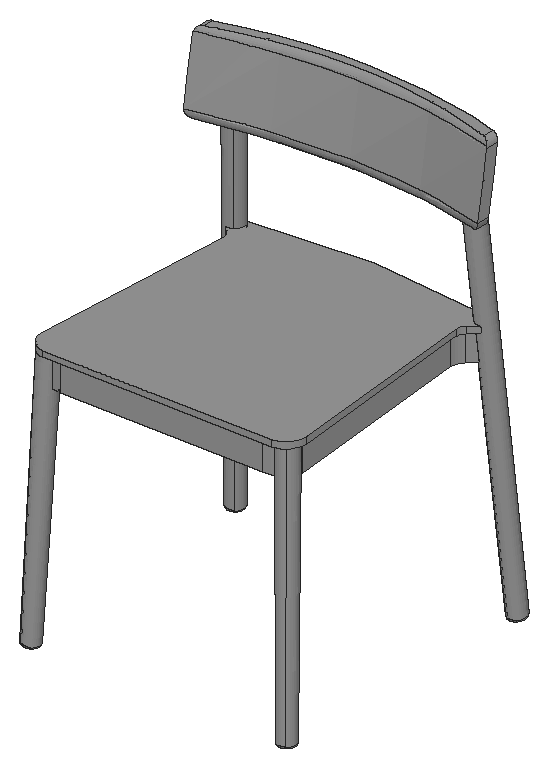
Revit family "Andreu World_Smart_SI0610", category Mobiliario, Revit 2013
Parameters (values of type "SI-0610")
  Wood 02 = Andreu World Beech H
  Wood = Andreu World Beech V
  Width = 500 mm
  URL = "http://www.andreuworld.com/"
  Seat Height = 455 mm
  Referencia = "SI-0610"
  Modelo = "Smart"
  Height = 760 mm
  Fabricante = "Andreu World"
  Descripción = "Stackable chair"
  Depth = 485 mm
Reference planes
  plane 1 "Centro (Frontal/Posterior)": y = 0
  plane 2: z = 0
  plane 3 "Centro (Izquierda/Derecha)": x = 0
  plane 4: x = -250
  plane 5: y = 242.5
  plane 6: x = 250
  plane 7: y = -242.5
  plane 8: z = 455
  plane 9: z = 760
  plane 10 "front leg": through (-217.408, -231.369, 1200) normal (-0.809, 0.5878, 0)
  plane 11 "Back leg": through (-239.847, 231.369, 1200) normal (0.7986, 0.6018, 0)
Forms (mm)
  Revolve 1, solid, material "Andreu World Beech V" <- "Wood", detail levels medium+fine
    sketch origin (-32.272, 23.447, 0) x (-0.587785, -0.809017, 0) y (0, 0, 1)
      loop
        line (307.809, 444.618) -> (290.419, 444.618) -> (314.543, 0) -> (326.391, 0)
        arc (326.391, 0) -> (328.201, 0.775) -> (328.888, 2.619) r 2.5
        line (328.888, 2.619) -> (307.809, 444.618)
      axis (290.419, 444.618) -> (314.578, -0.641)
    angle from 0 to 360
  Revolve 2, solid, material "Andreu World Beech V" <- "Wood", detail levels medium+fine
    sketch origin (-41.776, -31.48, 0) x (-0.601815, 0.798636, 0) y (0, 0, 1)
      loop
        arc (279.322, 699.364) -> (273.342, 713.584) -> (260.265, 721.768) r 25.543
        line (260.265, 721.768) -> (328.377, 0) -> (340.641, 0)
        arc (340.641, 0) -> (342.488, 0.815) -> (343.131, 2.728) r 2.5
        line (343.131, 2.728) -> (279.322, 699.364)
      axis (260.265, 721.768) -> (328.485, -1.147)
    angle from 0 to 360
  Extrusion 3, solid, material "Andreu World Beech V" <- "Wood", detail levels medium+fine
    sketch origin (0.025, -8.63, 0) x (1, 0, 0) y (0, 1, 0)
      loop
        arc (-109.249, 192.661) -> (-144.128, 178.822) -> (-160.032, 144.835) r 50.875
        line (-160.032, 144.835) -> (-175.393, -111.105)
        arc (-175.393, -111.105) -> (-158.409, -157.962) -> (-112.654, -177.723) r 62.852
        line (-112.654, -177.723) -> (112.682, -177.723)
        arc (112.682, -177.723) -> (158.437, -157.962) -> (175.422, -111.105) r 62.852
        line (175.422, -111.105) -> (160.06, 144.835)
        arc (160.06, 144.835) -> (144.156, 178.822) -> (109.277, 192.661) r 50.875
        line (109.277, 192.661) -> (-109.249, 192.661)
      loop
        arc (-214.044, -185.074) -> (-210.83, -199.556) -> (-200.115, -209.816) r 25.569
        arc (-200.115, -209.816) -> (-186.042, -214.546) -> (-171.387, -216.928) r 91.093
        arc (-171.387, -216.928) -> (0, -223.745) -> (171.387, -216.928) r 2157.795
        arc (171.387, -216.928) -> (186.042, -214.546) -> (200.115, -209.816) r 91.093
        arc (200.115, -209.816) -> (210.83, -199.556) -> (214.044, -185.074) r 25.569
        line (214.044, -185.074) -> (187.752, 160.713)
        arc (187.752, 160.713) -> (189.413, 172.548) -> (195.862, 182.609) r 27.967
        line (195.862, 182.609) -> (209.542, 196.289) -> (208.156, 206.152)
        arc (208.156, 206.152) -> (0, 224.467) -> (-208.156, 206.152) r 1192.008
        line (-208.156, 206.152) -> (-209.542, 196.289) -> (-195.862, 182.609)
        arc (-195.862, 182.609) -> (-189.413, 172.548) -> (-187.752, 160.713) r 27.967
        line (-187.752, 160.713) -> (-214.044, -185.074)
    from 394.618 to 444.618
  Extrusion 4, solid, material "Andreu World Beech H" <- "Wood 02", detail levels medium+fine
    sketch origin (0.025, -8.63, 444.618) x (1, 0, 0) y (0, 1, 0)
      loop
        line (-197.723, 161.471) -> (-224.426, -189.721)
        arc (-224.426, -189.721) -> (-216.728, -213.483) -> (-194.562, -224.996) r 32.913
        arc (-194.562, -224.996) -> (-0.025, -233.744) -> (194.513, -224.996) r 2167.521
        arc (194.513, -224.996) -> (216.679, -213.483) -> (224.377, -189.721) r 32.913
        line (224.377, -189.721) -> (197.674, 161.471)
        arc (197.674, 161.471) -> (198.741, 169.074) -> (202.884, 175.538) r 17.967
        line (202.884, 175.538) -> (220.089, 192.743) -> (217.001, 214.717)
        arc (217.001, 214.717) -> (-0.026, 234.467) -> (-217.052, 214.708) r 1202.008
        line (-217.052, 214.708) -> (-220.139, 192.743) -> (-202.933, 175.538)
        arc (-202.933, 175.538) -> (-198.79, 169.074) -> (-197.723, 161.471) r 17.967
    from 0 to 10.382
  Revolve 5, solid, material "Andreu World Beech V" <- "Wood", detail levels medium+fine
    sketch origin (0, 0, 0) x (0, 1, 0) y (0, 0, 1)
      loop
        arc (216.256, 758.551) -> (216.09, 759.298) -> (215.445, 759.709) r 1
        arc (215.445, 759.709) -> (211.7, 760.254) -> (207.926, 759.972) r 17.301
        arc (207.926, 759.972) -> (198.698, 755.031) -> (194.008, 745.673) r 17.301
        line (194.008, 745.673) -> (174.555, 635.36)
        arc (174.555, 635.36) -> (175.877, 625.12) -> (182.797, 617.457) r 17.301
        arc (182.797, 617.457) -> (186.247, 615.901) -> (189.952, 615.132) r 17.301
        arc (189.952, 615.132) -> (190.699, 615.298) -> (191.11, 615.943) r 1
        line (191.11, 615.943) -> (216.256, 758.551)
      axis (-582.593, 890.429) -> (-606.323, 745.563)
    angle from -20 to 20
  Extrusion 6, void
    sketch origin (0, 0, 0) x (1, 0, 0) y (0, 0, 1)
      loop
        line (-250, 748) -> (-250, 642.492)
        arc (-250, 642.492) -> (-246.619, 633.005) -> (-238, 627.795) r 15
        arc (-238, 627.795) -> (0, 615.943) -> (238, 627.795) r 2395.554
        arc (238, 627.795) -> (246.619, 633.005) -> (250, 642.492) r 15
        line (250, 642.492) -> (250, 748)
        arc (250, 748) -> (246.485, 756.485) -> (238, 760) r 12
        arc (238, 760) -> (0, 758.551) -> (-238, 760) r 19550.847
        arc (-238, 760) -> (-246.485, 756.485) -> (-250, 748) r 12
      loop
        line (302.437, 790) -> (-310.606, 790) -> (-310.606, 600) -> (302.437, 600) -> (302.437, 790)
    from -281.326 to -25.71
  Revolve 7, solid, material "Andreu World Beech V" <- "Wood", detail levels medium+fine
    sketch origin (32.272, 23.447, 0) x (0.587785, -0.809017, 0) y (0, 0, -1)
      loop
        line (307.809, -444.618) -> (328.888, -2.619)
        arc (328.888, -2.619) -> (328.201, -0.775) -> (326.391, 0) r 2.5
        line (326.391, 0) -> (314.543, 0) -> (290.419, -444.618) -> (307.809, -444.618)
      axis (290.419, -444.618) -> (314.578, 0.641)
    angle from 0 to 360
  Revolve 8, solid, material "Andreu World Beech V" <- "Wood", detail levels medium+fine
    sketch origin (41.776, -31.48, 0) x (0.601815, 0.798636, 0) y (0, 0, -1)
      loop
        line (279.322, -699.364) -> (343.131, -2.728)
        arc (343.131, -2.728) -> (342.488, -0.815) -> (340.641, 0) r 2.5
        line (340.641, 0) -> (328.377, 0) -> (260.265, -721.768)
        arc (260.265, -721.768) -> (273.342, -713.584) -> (279.322, -699.364) r 25.543
      axis (260.265, -721.768) -> (328.485, 1.147)
    angle from 0 to 360
Cuts and joins
  Extrusion 6 cuts Revolve 5
Lines and regions (mm)
  model lines, detail levels coarse+medium
    curve 1: line (-208.188, 172.187, 0) -> (-202.909, 166.908, 0)
    curve 2: arc (-202.909, 166.908, 0) -> (-198.765, 160.445, 0) -> (-197.698, 152.842, 0) r 17.967
    curve 3: line (-197.698, 152.842, 0) -> (-224.402, -198.351, 0)
    curve 4: arc (-224.402, -198.351, 0) -> (-216.703, -222.112, 0) -> (-194.537, -233.626, 0) r 32.913
    curve 5: arc (-194.537, -233.626, 0) -> (0, -242.374, 0) -> (194.537, -233.626, 0) r 2167.521
    curve 6: arc (194.537, -233.626, 0) -> (216.703, -222.112, 0) -> (224.402, -198.351, 0) r 32.913
    curve 7: line (224.402, -198.351, 0) -> (195.917, 176.266, 0)
    curve 8: arc (201.591, 208.816, 0) -> (0.003, 225.837, 0) -> (-201.585, 208.809, 0) r 1202.008
    curve 9: spline (-210.191, -221.437, 0) -> (-207.856, -223.653, 0) -> (-206.173, -226.396, 0) -> (-205.257, -229.48, 0) -> (-205.17, -232.696, 0) -> (-205.919, -235.822, 0) -> (-207.452, -238.648, 0) -> (-209.666, -240.979, 0) -> (-212.408, -242.658, 0) -> (-215.492, -243.569, 0) -> (-218.709, -243.651, 0) -> (-221.838, -242.898, 0) -> (-224.667, -241.361, 0)
    curve 10: spline (-224.667, -241.361, 0) -> (-227.003, -239.146, 0) -> (-228.686, -236.402, 0) -> (-229.602, -233.318, 0) -> (-229.688, -230.103, 0) -> (-228.939, -226.976, 0) -> (-227.406, -224.151, 0) -> (-225.193, -221.819, 0) -> (-222.45, -220.141, 0) -> (-219.366, -219.229, 0) -> (-216.149, -219.147, 0) -> (-213.02, -219.9, 0) -> (-210.191, -221.437, 0)
    curve 11: spline (224.667, -241.361, 0) -> (221.838, -242.898, 0) -> (218.709, -243.651, 0) -> (215.492, -243.569, 0) -> (212.408, -242.658, 0) -> (209.666, -240.979, 0) -> (207.452, -238.648, 0) -> (205.919, -235.822, 0) -> (205.17, -232.696, 0) -> (205.257, -229.48, 0) -> (206.173, -226.396, 0) -> (207.856, -223.653, 0) -> (210.191, -221.437, 0)
    curve 12: spline (210.191, -221.437, 0) -> (213.02, -219.9, 0) -> (216.149, -219.147, 0) -> (219.366, -219.229, 0) -> (222.45, -220.141, 0) -> (225.193, -221.819, 0) -> (227.406, -224.151, 0) -> (228.939, -226.976, 0) -> (229.688, -230.103, 0) -> (229.602, -233.318, 0) -> (228.686, -236.402, 0) -> (227.003, -239.146, 0) -> (224.667, -241.361, 0)
    curve 13: spline (-248.013, 177.011, 0) -> (-227.952, 183.234, 0) -> (-207.734, 188.93, 0) -> (-187.374, 194.096, 0) -> (-166.886, 198.728, 0) -> (-146.284, 202.823, 0) -> (-125.581, 206.378, 0) -> (-104.793, 209.39, 0) -> (-83.932, 211.858, 0) -> (-63.015, 213.779, 0) -> (-42.054, 215.153, 0) -> (-21.064, 215.979, 0) -> (-0.06, 216.256, 0)
    curve 14: line (238, 161.728, 0) -> (-240.886, 161.728, 0)
    curve 15: spline (-0.06, 216.256, 0) -> (20.735, 215.988, 0) -> (41.515, 215.182, 0) -> (62.268, 213.838, 0) -> (82.979, 211.958, 0) -> (103.634, 209.542, 0) -> (124.22, 206.592, 0) -> (144.722, 203.111, 0) -> (165.127, 199.1, 0) -> (185.422, 194.562, 0) -> (205.592, 189.501, 0) -> (225.624, 183.919, 0) -> (245.504, 177.821, 0)
    curve 16: circle (-239.578, 231.078, 0) r 15 normal (0, 0, 1)
    curve 17: circle (239.578, 231.078, 0) r 15 normal (0, 0, -1)
    curve 18: line (-252.138, 222.878, 0) -> (-224.988, 184.104, 0)
    curve 19: line (-229.855, 242.5, 0) -> (-188.925, 193.722, 0)
    curve 20: circle (239.578, 231.078, 0) r 15 normal (0, 0, -1)
    curve 21: line (252.138, 222.878, 0) -> (224.989, 184.105, 0)
    curve 22: line (229.855, 242.5, 0) -> (188.742, 193.504, 0)
    curve 23: line (-240.886, 161.728, 0) -> (-248.013, 177.011, 0)
    curve 24: line (238, 161.728, 0) -> (245.504, 177.821, 0)
Dimensions and locks
  "Width": plane 4 to plane 6
  equal spacing: plane 4, plane 3 "Centro (Izquierda/Derecha)", plane 6
  "Depth": plane 5 to plane 7
  equal spacing: plane 5, plane 1 "Centro (Frontal/Posterior)", plane 7
  "Seat Height": plane 8 to level
  "Height": plane 9 to level
  aligned and locked: level to plane 2
  aligned and locked: plane 8 to Extrusion 4
Automatic sketch dimensions
  level to Revolve 1 sketch curve = 0 mm  (x2)
  Revolve 1 sketch curve to plane 8 = 10.382 mm
  level to Revolve 1 sketch curve = 2.619 mm
  Revolve 1 sketch curve to Revolve 1 sketch curve = 17.39 mm
  Revolve 1 sketch curve to Revolve 1 sketch curve = 6.734 mm
  Revolve 1 sketch curve to Revolve 1 sketch curve = 11.848 mm
  Revolve 1 sketch curve to Revolve 1 sketch curve = 2.497 mm
  Revolve 1 sketch curve to plane 8 = 8.882 mm
  Revolve 1 sketch curve to Revolve 1 sketch curve = 0.081 mm
  Revolve 1 sketch curve to Revolve 1 sketch curve = 0 mm
  level to Revolve 2 sketch curve = 0 mm  (x2)
  Revolve 2 sketch curve to plane 9 = 38.232 mm
  Revolve 2 sketch curve to plane 9 = 60.636 mm
  level to Revolve 2 sketch curve = 2.728 mm
  Revolve 2 sketch curve to Revolve 2 sketch curve = 19.058 mm
  Revolve 2 sketch curve to Revolve 2 sketch curve = 49.054 mm
  Revolve 2 sketch curve to Revolve 2 sketch curve = 12.265 mm
  Revolve 2 sketch curve to Revolve 2 sketch curve = 2.49 mm
  Revolve 2 sketch curve to Revolve 2 sketch curve = 6.379 mm
  Revolve 2 sketch curve to plane 9 = 62.233 mm
  Revolve 2 sketch curve to Revolve 2 sketch curve = 8.644 mm
  Revolve 2 sketch curve to Revolve 2 sketch curve = 0 mm
  plane 10 "front leg" to Extrusion 3 sketch curve = 19.398 mm
  plane 4 to Extrusion 3 sketch curve = 35.981 mm
  plane 7 to Extrusion 3 sketch curve = 48.796 mm
  plane 4 to Extrusion 3 sketch curve = 40.483 mm
  Extrusion 3 sketch curve to Extrusion 3 sketch curve = 1.386 mm  (x2)
  Extrusion 3 sketch curve to Extrusion 3 sketch curve = 13.68 mm  (x3)
  Extrusion 3 sketch curve to Extrusion 3 sketch curve = 8.111 mm  (x2)
  plane 4 to Extrusion 3 sketch curve = 74.631 mm
  Extrusion 3 sketch curve to Extrusion 3 sketch curve = 27.72 mm
  Extrusion 3 sketch curve to Extrusion 3 sketch curve = 62.739 mm  (x2)
  Extrusion 3 sketch curve to Extrusion 3 sketch curve = 50.783 mm  (x2)
  plane 3 "Centro (Izquierda/Derecha)" to Extrusion 3 sketch curve = 109.301 mm
  plane 7 to Extrusion 3 sketch curve = 56.147 mm
  plane 3 "Centro (Izquierda/Derecha)" to Extrusion 3 sketch curve = 112.707 mm
  Extrusion 3 sketch curve to Extrusion 3 sketch curve = 27.692 mm
  Extrusion 3 sketch curve to Extrusion 3 sketch curve = 12.293 mm
  Extrusion 3 sketch curve to plane 6 = 35.931 mm
  Extrusion 3 sketch curve to Extrusion 3 sketch curve = 19.775 mm  (x2)
  Extrusion 3 sketch curve to Extrusion 3 sketch curve = 13.929 mm
  Extrusion 3 sketch curve to Extrusion 3 sketch curve = 25.495 mm  (x2)
  plane 7 to Extrusion 3 sketch curve = 16.942 mm
  Extrusion 3 sketch curve to Extrusion 3 sketch curve = 28.729 mm
  Extrusion 3 sketch curve to Extrusion 3 sketch curve = 0 mm  (x2)
  Extrusion 3 sketch curve to Extrusion 3 sketch curve = 11.242 mm
  plane 3 "Centro (Izquierda/Derecha)" to Extrusion 3 sketch curve = 0.025 mm  (x2)
  Extrusion 3 sketch curve to Extrusion 3 sketch curve = 11.27 mm
  Extrusion 3 sketch curve to Extrusion 3 sketch curve = 42.657 mm
  plane 7 to Extrusion 3 sketch curve = 24.055 mm
  Extrusion 3 sketch curve to Extrusion 3 sketch curve = 11.567 mm
  Extrusion 3 sketch curve to Extrusion 3 sketch curve = 15.018 mm  (x2)
  Extrusion 3 sketch curve to plane 5 = 106.295 mm  (x2)
  Extrusion 3 sketch curve to Extrusion 3 sketch curve = 15.879 mm  (x2)
  Extrusion 3 sketch curve to Extrusion 3 sketch curve = 21.896 mm  (x2)
  Extrusion 3 sketch curve to plane 5 = 58.469 mm
  Extrusion 3 sketch curve to Extrusion 3 sketch curve = 9.863 mm
  Extrusion 3 sketch curve to plane 7 = 733.67 mm
  Extrusion 3 to Extrusion 4 sketch curve = 10 mm
  Extrusion 4 sketch curve to Extrusion 3 = 11.998 mm  (x2)
  Extrusion 4 sketch curve to Extrusion 3 = 0.082 mm  (x2)
  Extrusion 4 sketch curve to Extrusion 4 sketch curve = 4.501 mm
  Extrusion 4 sketch curve to Extrusion 3 = 22.047 mm
  Extrusion 3 to Extrusion 4 sketch curve = 17.123 mm  (x2)
  Extrusion 3 to Extrusion 4 sketch curve = 31.19 mm  (x2)
  Extrusion 4 sketch curve to Extrusion 4 sketch curve = 395.396 mm
  Extrusion 4 sketch curve to Extrusion 4 sketch curve = 5.211 mm
  Extrusion 4 sketch curve to Extrusion 3 = 22.056 mm
  Extrusion 4 sketch curve to Extrusion 4 sketch curve = 3.088 mm
  Extrusion 4 sketch curve to Extrusion 4 sketch curve = 26.703 mm
  Extrusion 4 sketch curve to Extrusion 4 sketch curve = 29.864 mm
  Extrusion 4 sketch curve to Extrusion 4 sketch curve = 0 mm
  Extrusion 4 sketch curve to Extrusion 3 = 14.493 mm  (x2)
  Extrusion 4 sketch curve to Extrusion 4 sketch curve = 32.818 mm  (x2)
  Extrusion 4 sketch curve to Extrusion 4 sketch curve = 217.026 mm
  Extrusion 4 sketch curve to Extrusion 4 sketch curve = 17.915 mm
  Revolve 5 sketch curve to Revolve 5 sketch curve = 0 mm  (x4)
  Revolve 5 sketch curve to plane 5 = 67.945 mm
  Revolve 5 sketch curve to plane 5 = 51.39 mm
  Revolve 5 sketch curve to plane 9 = 144.057 mm
  Revolve 5 sketch curve to plane 9 = 14.327 mm
  Revolve 5 sketch curve to plane 5 = 48.492 mm
  Revolve 5 sketch curve to plane 9 = 1.449 mm
  Revolve 5 sketch curve to Revolve 5 sketch curve = 22.247 mm
  Revolve 5 sketch curve to plane 9 = 17.189 mm
  Revolve 5 sketch curve to plane 7 = 364.273 mm
  plane 9 to Revolve 5 sketch curve = 146.458 mm
  Revolve 5 sketch curve to Revolve 5 sketch curve = 26.806 mm
  Revolve 5 sketch curve to Revolve 5 sketch curve = 8.313 mm
  Revolve 5 sketch curve to Revolve 5 sketch curve = 1.158 mm
  Revolve 5 sketch curve to Revolve 5 sketch curve = 0.174 mm
  Revolve 5 sketch curve to Revolve 5 sketch curve = 1.468 mm
  Revolve 5 sketch curve to plane 9 = 0.028 mm
  Revolve 5 sketch curve to Revolve 5 sketch curve = 8.329 mm
  Revolve 5 sketch curve to Revolve 5 sketch curve = 5.159 mm
  Revolve 5 sketch curve to Revolve 5 sketch curve = 0.984 mm
  Revolve 5 sketch curve to plane 9 = 0.291 mm
  Revolve 5 sketch curve to Revolve 5 sketch curve = 19.417 mm
  Revolve 5 sketch curve to Revolve 5 sketch curve = 0.811 mm
  Extrusion 6 sketch curve to plane 4 = 0 mm
  Extrusion 6 sketch curve to plane 6 = 0 mm
  Extrusion 6 sketch curve to plane 4 = 60.606 mm
  plane 8 to Extrusion 6 sketch curve = 145 mm
  Extrusion 6 sketch curve to plane 9 = 0 mm  (x2)
  Extrusion 6 sketch curve to plane 3 "Centro (Izquierda/Derecha)" = 0 mm  (x2)
  plane 6 to Extrusion 6 sketch curve = 52.437 mm
  plane 4 to Extrusion 6 sketch curve = 12 mm  (x2)
  plane 4 to Extrusion 6 sketch curve = 15 mm
  Extrusion 6 sketch curve to plane 6 = 15 mm
  Extrusion 6 sketch curve to plane 6 = 12 mm
  Extrusion 6 sketch curve to Extrusion 6 sketch curve = 42.492 mm
  plane 9 to Extrusion 6 sketch curve = 30 mm
  Extrusion 6 sketch curve to Extrusion 6 sketch curve = 2221.497 mm
  Extrusion 6 sketch curve to Extrusion 6 sketch curve = 17297.902 mm
  level to Revolve 7 sketch curve = 0 mm  (x2)
  Revolve 7 sketch curve to plane 8 = 10.382 mm
  level to Revolve 7 sketch curve = 2.619 mm
  Revolve 7 sketch curve to Revolve 7 sketch curve = 17.39 mm
  Revolve 7 sketch curve to Revolve 7 sketch curve = 6.734 mm
  Revolve 7 sketch curve to Revolve 7 sketch curve = 11.848 mm
  Revolve 7 sketch curve to Revolve 7 sketch curve = 2.497 mm
  Revolve 7 sketch curve to plane 8 = 8.882 mm
  Revolve 7 sketch curve to Revolve 7 sketch curve = 0.081 mm
  Revolve 7 sketch curve to Revolve 7 sketch curve = 0 mm
  level to Revolve 8 sketch curve = 0 mm  (x2)
  Revolve 8 sketch curve to plane 9 = 38.232 mm
  Revolve 8 sketch curve to plane 9 = 60.636 mm
  level to Revolve 8 sketch curve = 2.728 mm
  Revolve 8 sketch curve to Revolve 8 sketch curve = 19.058 mm
  Revolve 8 sketch curve to Revolve 8 sketch curve = 49.054 mm
  Revolve 8 sketch curve to Revolve 8 sketch curve = 12.265 mm
  Revolve 8 sketch curve to Revolve 8 sketch curve = 2.49 mm
  Revolve 8 sketch curve to Revolve 8 sketch curve = 6.379 mm
  Revolve 8 sketch curve to plane 9 = 62.233 mm
  Revolve 8 sketch curve to Revolve 8 sketch curve = 8.644 mm
  Revolve 8 sketch curve to Revolve 8 sketch curve = 0 mm
  curve 17 to curve 20 = 0 mm  (x2)
  plane 4 to curve 23 = 1.987 mm
  plane 7 to curve 7 = 44.149 mm
  curve 19 to plane 5 = 0 mm
  curve 10 to plane 10 "front leg" = 0 mm
  curve 5 to plane 3 "Centro (Izquierda/Derecha)" = 0 mm
  curve 22 to plane 5 = 0 mm
  plane 4 to curve 23 = 9.114 mm
  plane 4 to curve 3 = 25.598 mm
  curve 14 to curve 1 = 37.978 mm
  curve 2 to curve 3 = 5.211 mm
  curve 7 to plane 6 = 25.598 mm
  curve 14 to plane 6 = 12 mm
  curve 24 to plane 6 = 4.496 mm
  curve 18 to plane 4 = 2.138 mm
  plane 4 to curve 16 = 10.422 mm
  curve 16 to curve 19 = 9.723 mm
  plane 4 to curve 9 = 22.594 mm
  curve 10 to curve 9 = 0 mm
  curve 23 to curve 18 = 23.025 mm
  plane 7 to curve 10 = 1.139 mm
  plane 7 to curve 10 = 11.101 mm
  curve 2 to curve 3 = 17.915 mm
  curve 1 to curve 1 = 5.279 mm  (x2)
  curve 18 to curve 8 = 23.404 mm
  plane 7 to curve 5 = 8.874 mm
  curve 9 to curve 5 = 15.654 mm
  curve 4 to curve 5 = 0 mm
  curve 10 to curve 4 = 18.608 mm
  curve 8 to curve 19 = 12.659 mm
  curve 13 to plane 3 "Centro (Izquierda/Derecha)" = 0.06 mm
  curve 15 to plane 3 "Centro (Izquierda/Derecha)" = 0.022 mm
  plane 3 "Centro (Izquierda/Derecha)" to curve 13 = 0.022 mm
  plane 3 "Centro (Izquierda/Derecha)" to curve 8 = 0.025 mm
  curve 22 to curve 14 = 49.258 mm
  curve 6 to curve 6 = 32.818 mm
  curve 6 to curve 5 = 2.954 mm
  curve 6 to curve 5 = 0 mm
  curve 22 to curve 7 = 7.175 mm
  curve 22 to curve 8 = 12.849 mm
  plane 7 to curve 11 = 3.852 mm
  curve 6 to curve 11 = 12.915 mm
  curve 12 to curve 11 = 0 mm
  curve 11 to curve 11 = 2.739 mm
  plane 7 to curve 12 = 11.101 mm
  curve 21 to curve 15 = 20.516 mm
  curve 22 to plane 6 = 20.145 mm
  curve 20 to plane 6 = 10.422 mm
  plane 6 to curve 21 = 2.138 mm
  curve 15 to plane 7 = 337.836 mm
  plane 6 to curve 15 = 552.776 mm
  curve 15 to curve 13 = 0.064 mm
  curve 3 to plane 5 = 89.658 mm
  curve 3 to curve 23 = 8.886 mm
  curve 3 to curve 1 = 14.066 mm
  curve 14 to curve 23 = 15.283 mm
  curve 14 to curve 24 = 16.093 mm
  curve 8 to curve 15 = 390.199 mm
  curve 7 to curve 22 = 17.238 mm
  curve 18 to plane 5 = 19.622 mm
  curve 21 to plane 5 = 19.622 mm
  radius of Extrusion 3 to Extrusion 4 sketch curve = 10 mm
  radius of Extrusion 4 sketch curve to Extrusion 3 = 10 mm
  radius of curve 20 = 15 mm
